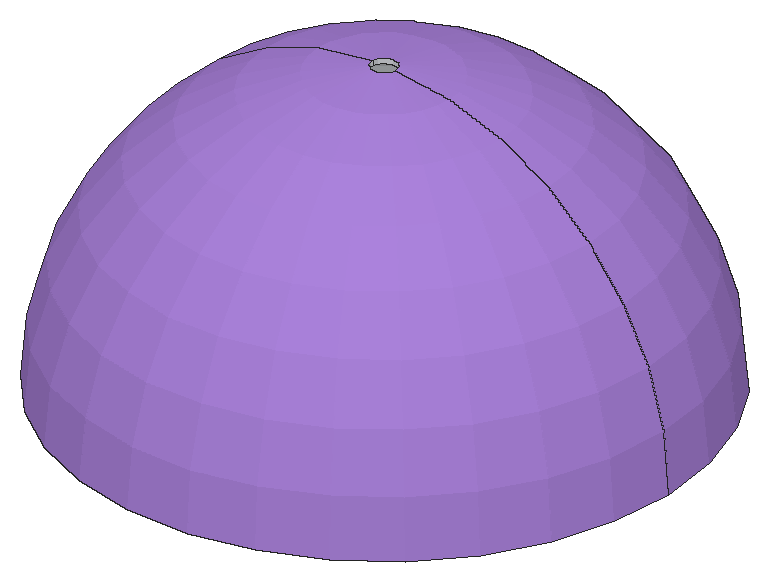
Revit family "HD812 SHADE", category Lighting Fixtures, Revit 2024
Family settings
  Round Connector Dimension = Use Diameter
  Part Type = Normal
  OmniClass Number = 23.80.70.00
  OmniClass Title = Lighting
  Work Plane-Based = No
  Always vertical = Yes
  Cut with Voids When Loaded = No
  Light Source = Yes
  Maintain Annotation Orientation = No
  Shared = No
  Room Calculation Point = No
Parameters
  Wattage = 12.1178 W
  built-in parameter 1150110 = 1 (stored number, unit not read)
  built-in parameter 1114217 = 1 (stored number, unit not read)
  built-in parameter 1150109 = 1 (stored number, unit not read)
  built-in parameter 1150134 = (empty or 0)
  built-in parameter 1150113 = 1 (stored number, unit not read)
  Lumens = 1800 lm
  built-in parameter 1150115 = 1 (stored number, unit not read)
  built-in parameter 1150105 = 572.96 (stored number, unit not read)
  Light Source Symbol Size = 2' - 0"
  built-in parameter 1150137 = (empty or 0)
  built-in parameter 1150139 = (empty or 0)
  built-in parameter 1150112 = 1 (stored number, unit not read)
  built-in parameter 1150114 = 1 (stored number, unit not read)
  built-in parameter 1150132 = 2
  built-in parameter 1150102 = (empty or 0)
  built-in parameter 1150138 = (empty or 0)
  built-in parameter 1150107 = 3000 (stored number, unit not read)
  built-in parameter 1150106 = 5.7296 (stored number, unit not read)
  built-in parameter 1150104 = 13.8 (stored number, unit not read)
  Dimming Lamp Color Temperature Shift = (empty or 0)
  Default Elevation = 0' - 0"
  Color Filter = 16777215
  built-in parameter 1114218 = 1 (stored number, unit not read)
  built-in parameter 1150133 = 10 (stored number, unit not read)
Reference planes (in)
  plane 1 "Light Source Axis (F/B)": y = 0
  plane 2: z = 0
  plane 3 "Light Source Axis (L/R)": x = 0
  plane 4 "Light Source Elevation": z = 54
Forms (in)
  Revolve 1, solid
    sketch origin (0, 0, 0) x (1, 0, 0) y (0, 0, 1)
      loop
        arc (-0.25, 59.99479) -> (-4.33013, 58.15331) -> (-6, 54) r 6
        line (-6, 54) -> (-5.90625, 54)
        arc (-5.90625, 54) -> (-4.26382, 58.08701) -> (-0.25, 59.90096) r 5.90625
        line (-0.25, 59.90096) -> (-0.25, 59.99479)
      axis (0, 59.99479) -> (0, 54)
    angle from 0 to 360
Dimensions and locks (in)
  aligned and locked: plane 3 "Light Source Axis (L/R)" to imposter light
  aligned and locked: plane 1 "Light Source Axis (F/B)" to imposter light
  aligned and locked: plane 4 "Light Source Elevation" to imposter light
  aligned and locked: level to plane 2
